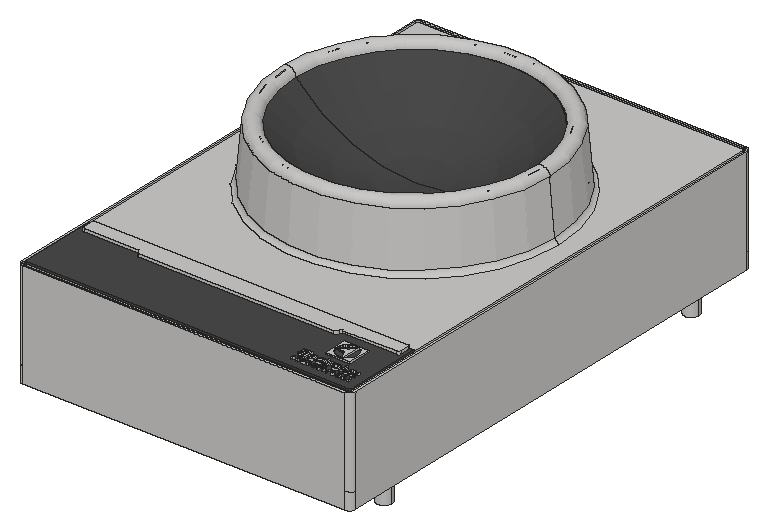
Revit family "QF_ELECTROLUXPROFESSIONAL_600881_E1HCEEOMCS", category Specialty Equipment, Revit 2018
Family settings
  Round Connector Dimension = Use Diameter
  Part Type = Normal
  Work Plane-Based = No
  Always vertical = Yes
  Cut with Voids When Loaded = No
  Shared = No
  Room Calculation Point = No
Parameters
  Watts = 0 W
  Volts = 0 V
  URL = ""
  Steam Supply Size = 0 mm
  Steam Supply Minimum Pressure = 0.0 Pa
  Steam Supply Maximum Pressure = 0.0 Pa
  Steam Pounds per Hour = 0
  Show Logo [instance] = yes
  Manufacturer = ""
  Phase = 0
  Model = ""
  Item Number = ""
  Hot Water Size = 0 mm
  HP = "4.7 HP"
  Gas Size = 0 mm
  Gas KW = 0
  Direct Waste Size = 0 mm
  Description = ""
  Cycle = 0 Hz
  Condensate Return Size = 0 mm
  Compressed Air Volume = 0.0 L/s
  Compressed Air Size = 0 mm
  Compressed Air Pressure = 0.0 Pa
  Cold Water Size = 0 mm
Reference planes
  plane 1 "Centro (Fronte/Retro)": y = 74.737
  plane 2: z = 0
  plane 3: x = -514.269
  plane 4 "LEFT": x = -714.269
  plane 5 "RIGHT": x = -314.269
  plane 6 "BACK": y = 374.737
  plane 7 "FRONT": y = -225.263
  plane 8: x = -712.269
  plane 9: y = 372.737
  plane 10: x = -316.269
  plane 11: y = -223.263
  plane 12: y = -124.263
  plane 13: x = -698.269
  plane 14: x = -330.269
  plane 15: y = 304.737
  plane 16: y = -155.263
  plane 17: x = -442.269
  plane 18: y = 179.737
  plane 19: z = 978
  plane 20 "wok": y = 120.237
  plane 21: z = 764
Forms (mm)
  Extrusion 1, solid, material "QF_Finishes_Stainless Steel"
    sketch origin (0, 0, 788) x (1, 0, 0) y (0, 1, 0)
      loop
        arc (-707.269, 374.737) -> (-712.218, 372.687) -> (-714.269, 367.737) r 7
        line (-714.269, 367.737) -> (-714.269, -218.263)
        arc (-714.269, -218.263) -> (-712.218, -223.213) -> (-707.269, -225.263) r 7
        line (-707.269, -225.263) -> (-321.269, -225.263)
        arc (-321.269, -225.263) -> (-316.319, -223.213) -> (-314.269, -218.263) r 7
        line (-314.269, -218.263) -> (-314.269, 367.737)
        arc (-314.269, 367.737) -> (-316.319, 372.687) -> (-321.269, 374.737) r 7
        line (-321.269, 374.737) -> (-707.269, 374.737)
    from 0 to 20
  Extrusion 2, solid, material "QF_Finishes_Stainless Steel"
    sketch origin (0, 0, 788) x (1, 0, 0) y (0, 1, 0)
      loop
        line (-321.269, 374.737) -> (-707.269, 374.737)
        arc (-707.269, 374.737) -> (-712.218, 372.687) -> (-714.269, 367.737) r 7
        line (-714.269, 367.737) -> (-714.269, -218.263)
        arc (-714.269, -218.263) -> (-712.218, -223.213) -> (-707.269, -225.263) r 7
        line (-707.269, -225.263) -> (-321.269, -225.263)
        arc (-321.269, -225.263) -> (-316.319, -223.213) -> (-314.269, -218.263) r 7
        line (-314.269, -218.263) -> (-314.269, 367.737)
        arc (-314.269, 367.737) -> (-316.319, 372.687) -> (-321.269, 374.737) r 7
      loop
        arc (-707.269, 372.737) -> (-710.804, 371.273) -> (-712.269, 367.737) r 5
        line (-712.269, 367.737) -> (-712.269, -218.263)
        arc (-712.269, -218.263) -> (-710.804, -221.798) -> (-707.269, -223.263) r 5
        line (-707.269, -223.263) -> (-321.269, -223.263)
        arc (-321.269, -223.263) -> (-317.733, -221.798) -> (-316.269, -218.263) r 5
        line (-316.269, -218.263) -> (-316.269, 367.737)
        arc (-316.269, 367.737) -> (-317.733, 371.273) -> (-321.269, 372.737) r 5
        line (-321.269, 372.737) -> (-707.269, 372.737)
    from 20 to 126
  Extrusion 3, solid, material "QF_Finishes_Black"
    sketch origin (0, 0, 914) x (-1, 0, 0) y (0, -1, 0)
      loop
        line (709.269, 124.263) -> (709.269, 218.263)
        arc (709.269, 218.263) -> (708.683, 219.677) -> (707.269, 220.263) r 2
        line (707.269, 220.263) -> (321.269, 220.263)
        arc (321.269, 220.263) -> (319.854, 219.677) -> (319.269, 218.263) r 2
        line (319.269, 218.263) -> (319.269, 124.263) -> (709.269, 124.263)
    from 0 to 2
  Extrusion 4, solid, material "QF_Finishes_Stainless Steel"
    sketch origin (0, 0, 914) x (-1, 0, 0) y (0, -1, 0)
      loop
        arc (701.269, 124.263) -> (703.39, 125.142) -> (704.269, 127.263) r 3
        line (704.269, 127.263) -> (704.269, 137.763)
        arc (704.269, 137.763) -> (703.39, 139.884) -> (701.269, 140.763) r 3
        line (701.269, 140.763) -> (637.269, 140.763)
        arc (637.269, 140.763) -> (635.147, 141.642) -> (634.269, 143.763) r 3
        arc (634.269, 143.763) -> (633.39, 145.884) -> (631.269, 146.763) r 3
        line (631.269, 146.763) -> (397.269, 146.763)
        arc (397.269, 146.763) -> (395.147, 145.884) -> (394.269, 143.763) r 3
        arc (394.269, 143.763) -> (393.39, 141.642) -> (391.269, 140.763) r 3
        line (391.269, 140.763) -> (327.269, 140.763)
        arc (327.269, 140.763) -> (325.147, 139.884) -> (324.269, 137.763) r 3
        line (324.269, 137.763) -> (324.269, 127.263)
        arc (324.269, 127.263) -> (325.147, 125.142) -> (327.269, 124.263) r 3
        line (327.269, 124.263) -> (701.269, 124.263)
    from 2 to 5
  Extrusion 5, solid, material "QF_Finishes_Stainless Steel"
    sketch origin (0, 0, 140) x (-1, 0, 0) y (0, -1, 0)
      loop
        circle (698.269, -304.737) r 9
      loop
        circle (330.269, -304.737) r 9
      loop
        circle (698.269, 155.263) r 9
      loop
        circle (330.269, 155.263) r 9
    from 624 to 648
  Extrusion 6, solid, material "QF_Finishes_Stainless Steel"
    sketch origin (0, 0, 140) x (-1, 0, 0) y (0, -1, 0)
      loop
        circle (442.269, -179.737) r 10
    from 638.028 to 648
  Extrusion 7, solid, material "QF_Finishes_Stainless Steel"
    sketch origin (0, 96, 912) x (-1, 0, 0) y (0, -1, 0)
      loop
        arc (707.269, -273.737) -> (708.683, -273.151) -> (709.269, -271.737) r 2
        line (709.269, -271.737) -> (709.269, 220.263) -> (319.269, 220.263) -> (319.269, -271.737)
        arc (319.269, -271.737) -> (319.854, -273.151) -> (321.269, -273.737) r 2
        line (321.269, -273.737) -> (707.269, -273.737)
    from 0 to 2
  Revolve 8, solid, material "QF_Finishes_Stainless Steel"
    sketch origin (0, 120.237, 14) x (-1, 0, 0) y (0, 0, 1)
      loop
        arc (349.07, 900) -> (350.454, 902.553) -> (351.23, 905.352) r 12.856
        line (351.23, 905.352) -> (357.255, 968.615)
        arc (357.255, 968.615) -> (361.677, 972.996) -> (366.45, 969) r 4.622
        line (366.45, 969) -> (371.472, 969)
        arc (371.472, 969) -> (361.87, 978) -> (352.269, 969) r 9.622
        line (352.269, 969) -> (346.269, 906)
        arc (346.269, 906) -> (344.567, 902.335) -> (341.269, 900) r 7.856
        line (341.269, 900) -> (349.07, 900)
      axis (514.269, 900) -> (514.269, 969)
    angle from 0 to 360
  Revolve 9, solid, material "QF_Finishes_Black"
    sketch origin (0, 120.237, 14) x (-1, 0, 0) y (0, 0, 1)
      loop
        line (371.472, 969) -> (366.45, 969)
        arc (366.45, 969) -> (432.848, 918.929) -> (514.269, 902) r 190.056
        line (514.269, 902) -> (514.269, 906)
        arc (514.269, 906) -> (436.232, 922.453) -> (371.472, 969) r 193.372
      axis (514.269, 969) -> (514.269, 902)
    angle from 0 to 360
Cuts and joins
  joined: Extrusion 1, Extrusion 2
Lines and regions (mm)
  symbolic lines
    curve 1: line (-321.269, 374.737, 126) -> (-707.269, 374.737, 126)
    curve 2: arc (-707.269, 374.737, 126) -> (-712.218, 372.687, 126) -> (-714.269, 367.737, 126) r 7
    curve 3: line (-714.269, 367.737, 126) -> (-714.269, -218.263, 126)
    curve 4: arc (-714.269, -218.263, 126) -> (-712.218, -223.213, 126) -> (-707.269, -225.263, 126) r 7
    curve 5: line (-707.269, -225.263, 126) -> (-321.269, -225.263, 126)
    curve 6: arc (-321.269, -225.263, 126) -> (-316.319, -223.213, 126) -> (-314.269, -218.263, 126) r 7
    curve 7: line (-314.269, -218.263, 126) -> (-314.269, 367.737, 126)
    curve 8: arc (-314.269, 367.737, 126) -> (-316.319, 372.687, 126) -> (-321.269, 374.737, 126) r 7
    curve 9: line (-707.269, 372.737, 126) -> (-321.269, 372.737, 126)
    curve 10: arc (-321.269, 372.737, 126) -> (-317.733, 371.273, 126) -> (-316.269, 367.737, 126) r 5
    curve 11: line (-316.269, 367.737, 126) -> (-316.269, -218.263, 126)
    curve 12: arc (-316.269, -218.263, 126) -> (-317.733, -221.798, 126) -> (-321.269, -223.263, 126) r 5
    curve 13: line (-321.269, -223.263, 126) -> (-707.269, -223.263, 126)
    curve 14: arc (-707.269, -223.263, 126) -> (-710.804, -221.798, 126) -> (-712.269, -218.263, 126) r 5
    curve 15: line (-712.269, -218.263, 126) -> (-712.269, 367.737, 126)
    curve 16: arc (-712.269, 367.737, 126) -> (-710.804, 371.273, 126) -> (-707.269, 372.737, 126) r 5
    curve 17: line (-631.269, -146.763, 126) -> (-397.269, -146.763, 126)
    curve 18: arc (-397.269, -146.763, 126) -> (-395.147, -145.884, 126) -> (-394.269, -143.763, 126) r 3
    curve 19: arc (-394.269, -143.763, 126) -> (-393.39, -141.642, 126) -> (-391.269, -140.763, 126) r 3
    curve 20: line (-391.269, -140.763, 126) -> (-327.269, -140.763, 126)
    curve 21: arc (-327.269, -140.763, 126) -> (-325.147, -139.884, 126) -> (-324.269, -137.763, 126) r 3
    curve 22: line (-324.269, -137.763, 126) -> (-324.269, -127.263, 126)
    curve 23: arc (-324.269, -127.263, 126) -> (-325.147, -125.142, 126) -> (-327.269, -124.263, 126) r 3
    curve 24: line (-319.269, -124.263, 126) -> (-709.269, -124.263, 126)
    curve 25: arc (-701.269, -124.263, 126) -> (-703.39, -125.142, 126) -> (-704.269, -127.263, 126) r 3
    curve 26: line (-704.269, -127.263, 126) -> (-704.269, -137.763, 126)
    curve 27: arc (-704.269, -137.763, 126) -> (-703.39, -139.884, 126) -> (-701.269, -140.763, 126) r 3
    curve 28: line (-701.269, -140.763, 126) -> (-637.269, -140.763, 126)
    curve 29: arc (-637.269, -140.763, 126) -> (-635.147, -141.642, 126) -> (-634.269, -143.763, 126) r 3
    curve 30: arc (-634.269, -143.763, 126) -> (-633.39, -145.884, 126) -> (-631.269, -146.763, 126) r 3
    curve 31: line (-319.269, -218.263, 126) -> (-319.269, 367.737, 126)
    curve 32: arc (-319.269, 367.737, 126) -> (-319.854, 369.151, 126) -> (-321.269, 369.737, 126) r 2
    curve 33: line (-321.269, 369.737, 126) -> (-707.269, 369.737, 126)
    curve 34: arc (-707.269, 369.737, 126) -> (-708.683, 369.151, 126) -> (-709.269, 367.737, 126) r 2
    curve 35: line (-709.269, 367.737, 126) -> (-709.269, -218.263, 126)
    curve 36: arc (-709.269, -218.263, 126) -> (-708.683, -219.677, 126) -> (-707.269, -220.263, 126) r 2
    curve 37: line (-707.269, -220.263, 126) -> (-321.269, -220.263, 126)
    curve 38: arc (-321.269, -220.263, 126) -> (-319.854, -219.677, 126) -> (-319.269, -218.263, 126) r 2
    curve 39: line (-378.626, -153.452, 126) -> (-378.626, -182.168, 126)
    curve 40: line (-378.626, -182.168, 126) -> (-349.912, -182.168, 126)
    curve 41: line (-349.912, -182.168, 126) -> (-349.912, -153.452, 126)
    curve 42: line (-349.912, -153.452, 126) -> (-378.626, -153.452, 126)
    curve 43: line (-375.841, -162.424, 126) -> (-375.07, -161.023, 126)
    curve 44: line (-375.07, -161.023, 126) -> (-374.141, -159.732, 126)
    curve 45: line (-374.141, -159.732, 126) -> (-373.065, -158.564, 126)
    curve 46: line (-373.065, -158.564, 126) -> (-371.856, -157.535, 126)
    curve 47: line (-371.856, -157.535, 126) -> (-370.527, -156.661, 126)
    curve 48: line (-370.527, -156.661, 126) -> (-369.091, -155.954, 126)
    curve 49: line (-369.091, -155.954, 126) -> (-367.562, -155.431, 126)
    curve 50: line (-367.562, -155.431, 126) -> (-365.952, -155.107, 126)
    curve 51: arc (-365.952, -155.107, 126) -> (-363.752, -155.007, 126) -> (-361.567, -155.279, 126) r 13.008
    curve 52: arc (-361.567, -155.279, 126) -> (-361.815, -157.647, 126) -> (-362.651, -159.876, 126) r 9.395
    curve 53: line (-362.651, -159.876, 126) -> (-363.438, -161.245, 126)
    curve 54: line (-363.438, -161.245, 126) -> (-364.403, -162.507, 126)
    curve 55: line (-364.403, -162.507, 126) -> (-365.524, -163.648, 126)
    curve 56: line (-365.524, -163.648, 126) -> (-366.781, -164.654, 126)
    curve 57: line (-366.781, -164.654, 126) -> (-368.151, -165.509, 126)
    curve 58: line (-368.151, -165.509, 126) -> (-369.615, -166.2, 126)
    curve 59: line (-369.615, -166.2, 126) -> (-371.15, -166.712, 126)
    curve 60: line (-371.15, -166.712, 126) -> (-372.736, -167.029, 126)
    curve 61: line (-372.736, -167.029, 126) -> (-374.352, -167.138, 126)
    curve 62: line (-374.352, -167.138, 126) -> (-377.067, -167.138, 126)
    curve 63: line (-377.067, -167.138, 126) -> (-376.852, -165.495, 126)
    curve 64: line (-376.852, -165.495, 126) -> (-376.439, -163.92, 126)
    curve 65: line (-376.439, -163.92, 126) -> (-375.841, -162.424, 126)
    curve 66: line (-360.221, -179.969, 126) -> (-360.221, -155.646, 126)
    curve 67: line (-360.221, -155.646, 126) -> (-358.743, -156.237, 126)
    curve 68: line (-358.743, -156.237, 126) -> (-357.363, -157.003, 126)
    curve 69: line (-357.363, -157.003, 126) -> (-356.095, -157.931, 126)
    curve 70: line (-356.095, -157.931, 126) -> (-354.951, -159.007, 126)
    curve 71: line (-354.951, -159.007, 126) -> (-353.945, -160.217, 126)
    curve 72: line (-353.945, -160.217, 126) -> (-353.092, -161.548, 126)
    curve 73: line (-353.092, -161.548, 126) -> (-352.403, -162.986, 126)
    curve 74: line (-352.403, -162.986, 126) -> (-351.894, -164.517, 126)
    curve 75: line (-351.894, -164.517, 126) -> (-351.576, -166.128, 126)
    curve 76: line (-351.576, -166.128, 126) -> (-351.464, -167.804, 126)
    curve 77: line (-351.464, -167.804, 126) -> (-351.567, -169.456, 126)
    curve 78: line (-351.567, -169.456, 126) -> (-351.873, -171.047, 126)
    curve 79: line (-351.873, -171.047, 126) -> (-352.372, -172.563, 126)
    curve 80: line (-352.372, -172.563, 126) -> (-353.05, -173.992, 126)
    curve 81: line (-353.05, -173.992, 126) -> (-353.897, -175.319, 126)
    curve 82: line (-353.897, -175.319, 126) -> (-354.899, -176.532, 126)
    curve 83: line (-354.899, -176.532, 126) -> (-356.044, -177.617, 126)
    curve 84: line (-356.044, -177.617, 126) -> (-357.321, -178.56, 126)
    curve 85: line (-357.321, -178.56, 126) -> (-358.718, -179.349, 126)
    curve 86: line (-358.718, -179.349, 126) -> (-360.221, -179.969, 126)
    curve 87: line (-369.613, -169.43, 126) -> (-368.15, -170.12, 126)
    curve 88: line (-368.15, -170.12, 126) -> (-366.78, -170.975, 126)
    curve 89: line (-366.78, -170.975, 126) -> (-365.524, -171.98, 126)
    curve 90: line (-365.524, -171.98, 126) -> (-364.403, -173.12, 126)
    curve 91: line (-364.403, -173.12, 126) -> (-363.439, -174.381, 126)
    curve 92: line (-363.439, -174.381, 126) -> (-362.652, -175.748, 126)
    curve 93: arc (-362.652, -175.748, 126) -> (-361.85, -177.982, 126) -> (-361.568, -180.34, 126) r 10.532
    curve 94: arc (-361.568, -180.34, 126) -> (-362.906, -180.548, 126) -> (-364.258, -180.63, 126) r 14.39
    curve 95: line (-364.258, -180.63, 126) -> (-365.828, -180.532, 126)
    curve 96: line (-365.828, -180.532, 126) -> (-367.331, -180.252, 126)
    curve 97: line (-367.331, -180.252, 126) -> (-368.77, -179.801, 126)
    curve 98: line (-368.77, -179.801, 126) -> (-370.134, -179.191, 126)
    curve 99: line (-370.134, -179.191, 126) -> (-371.411, -178.434, 126)
    curve 100: line (-371.411, -178.434, 126) -> (-372.589, -177.541, 126)
    curve 101: line (-372.589, -177.541, 126) -> (-373.656, -176.525, 126)
    curve 102: line (-373.656, -176.525, 126) -> (-374.6, -175.397, 126)
    curve 103: line (-374.6, -175.397, 126) -> (-375.41, -174.168, 126)
    curve 104: line (-375.41, -174.168, 126) -> (-376.073, -172.852, 126)
    curve 105: line (-376.073, -172.852, 126) -> (-376.579, -171.46, 126)
    curve 106: line (-376.579, -171.46, 126) -> (-376.915, -170.003, 126)
    curve 107: line (-376.915, -170.003, 126) -> (-377.069, -168.493, 126)
    curve 108: line (-377.069, -168.493, 126) -> (-374.35, -168.493, 126)
    curve 109: line (-374.35, -168.493, 126) -> (-372.734, -168.602, 126)
    curve 110: line (-372.734, -168.602, 126) -> (-371.148, -168.919, 126)
    curve 111: line (-371.148, -168.919, 126) -> (-369.613, -169.43, 126)
    curve 112: arc (-399.495, -197.154, 126) -> (-398.466, -199.638, 126) -> (-395.982, -200.667, 126) r 3.513
    curve 113: line (-395.982, -200.667, 126) -> (-392.408, -200.667, 126)
    curve 114: line (-392.408, -200.667, 126) -> (-392.408, -198.85, 126)
    curve 115: line (-392.408, -198.85, 126) -> (-395.966, -198.85, 126)
    curve 116: arc (-395.966, -198.85, 126) -> (-397.094, -198.382, 126) -> (-397.562, -197.254, 126) r 1.596
    curve 117: line (-397.562, -197.254, 126) -> (-397.562, -195.74, 126)
    curve 118: line (-397.562, -195.74, 126) -> (-392.843, -195.74, 126)
    curve 119: line (-392.843, -195.74, 126) -> (-392.843, -193.917, 126)
    curve 120: line (-392.843, -193.917, 126) -> (-397.563, -193.917, 126)
    curve 121: line (-397.563, -193.917, 126) -> (-397.563, -191.264, 126)
    curve 122: line (-397.563, -191.264, 126) -> (-392.542, -191.264, 126)
    curve 123: line (-392.542, -191.264, 126) -> (-392.542, -189.445, 126)
    curve 124: line (-392.542, -189.445, 126) -> (-399.495, -189.445, 126)
    curve 125: line (-399.495, -189.445, 126) -> (-399.495, -193.353, 126)
    curve 126: line (-399.495, -193.353, 126) -> (-399.495, -197.154, 126)
    curve 127: line (-389.101, -189.455, 126) -> (-391.035, -189.455, 126)
    curve 128: line (-391.035, -189.455, 126) -> (-391.035, -194.76, 126)
    curve 129: line (-391.035, -194.76, 126) -> (-391.035, -200.681, 126)
    curve 130: line (-391.035, -200.681, 126) -> (-389.101, -200.681, 126)
    curve 131: line (-389.101, -200.681, 126) -> (-389.101, -194.721, 126)
    curve 132: line (-389.101, -194.721, 126) -> (-389.101, -189.455, 126)
    curve 133: arc (-380.394, -193.787, 126) -> (-383.654, -192.313, 126) -> (-386.913, -193.787, 126) r 4.34
    curve 134: arc (-386.913, -193.787, 126) -> (-387.819, -196.606, 126) -> (-386.913, -199.425, 126) r 4.838
    curve 135: arc (-386.913, -199.425, 126) -> (-383.498, -200.88, 126) -> (-380.082, -199.425, 126) r 4.737
    curve 136: line (-380.082, -199.425, 126) -> (-381.246, -198.293, 126)
    curve 137: arc (-381.246, -198.293, 126) -> (-383.382, -199.237, 126) -> (-385.517, -198.293, 126) r 2.888
    curve 138: arc (-385.517, -198.293, 126) -> (-385.841, -197.736, 126) -> (-385.905, -197.095, 126) r 1.527
    curve 139: line (-385.905, -197.095, 126) -> (-379.564, -197.095, 126)
    curve 140: arc (-379.564, -197.095, 126) -> (-379.672, -195.364, 126) -> (-380.394, -193.787, 126) r 4.757
    curve 141: line (-381.505, -195.736, 126) -> (-385.858, -195.736, 126)
    curve 142: arc (-385.858, -195.736, 126) -> (-385.043, -194.411, 126) -> (-383.56, -193.941, 126) r 2.23
    curve 143: arc (-383.56, -193.941, 126) -> (-382.221, -194.482, 126) -> (-381.505, -195.736, 126) r 2.201
    curve 144: arc (-372.029, -198.26, 126) -> (-376.639, -196.593, 126) -> (-372.029, -194.927, 126) r 2.606
    curve 145: line (-372.029, -194.927, 126) -> (-370.832, -193.681, 126)
    curve 146: arc (-370.832, -193.681, 126) -> (-378.564, -196.594, 126) -> (-370.832, -199.507, 126) r 4.415
    curve 147: line (-370.832, -199.507, 126) -> (-372.029, -198.26, 126)
    curve 148: line (-369.629, -193.481, 126) -> (-369.629, -197.299, 126)
    curve 149: arc (-369.629, -197.299, 126) -> (-368.592, -199.893, 126) -> (-365.911, -200.681, 126) r 3.196
    curve 150: line (-365.911, -200.681, 126) -> (-365.904, -198.864, 126)
    curve 151: arc (-365.904, -198.864, 126) -> (-367.239, -198.457, 126) -> (-367.699, -197.14, 126) r 1.542
    curve 152: line (-367.699, -197.14, 126) -> (-367.699, -194.319, 126)
    curve 153: line (-367.699, -194.319, 126) -> (-365.94, -194.319, 126)
    curve 154: line (-365.94, -194.319, 126) -> (-365.94, -192.562, 126)
    curve 155: line (-365.94, -192.562, 126) -> (-367.696, -192.562, 126)
    curve 156: line (-367.696, -192.562, 126) -> (-367.696, -189.455, 126)
    curve 157: line (-367.696, -189.455, 126) -> (-369.629, -189.455, 126)
    curve 158: line (-369.629, -189.455, 126) -> (-369.629, -193.481, 126)
    curve 159: arc (-359.402, -192.451, 126) -> (-361.13, -192.587, 126) -> (-362.397, -193.771, 126) r 2.627
    curve 160: line (-362.397, -193.771, 126) -> (-362.397, -192.563, 126)
    curve 161: line (-362.397, -192.563, 126) -> (-364.315, -192.563, 126)
    curve 162: line (-364.315, -192.563, 126) -> (-364.315, -196.541, 126)
    curve 163: line (-364.315, -196.541, 126) -> (-364.315, -200.681, 126)
    curve 164: line (-364.315, -200.681, 126) -> (-362.397, -200.681, 126)
    curve 165: line (-362.397, -200.681, 126) -> (-362.397, -196.412, 126)
    curve 166: arc (-362.397, -196.412, 126) -> (-361.445, -194.585, 126) -> (-359.402, -194.319, 126) r 2.229
    curve 167: line (-359.402, -194.319, 126) -> (-359.402, -192.451, 126)
    curve 168: arc (-350.248, -196.625, 126) -> (-354.668, -192.205, 126) -> (-359.088, -196.625, 126) r 4.42
    curve 169: arc (-359.088, -196.625, 126) -> (-354.668, -201.046, 126) -> (-350.248, -196.625, 126) r 4.42
    curve 170: arc (-357.176, -196.625, 126) -> (-354.668, -194.117, 126) -> (-352.16, -196.625, 126) r 2.508
    curve 171: arc (-352.16, -196.625, 126) -> (-354.668, -199.134, 126) -> (-357.176, -196.625, 126) r 2.508
    curve 172: line (-347.124, -189.454, 126) -> (-349.058, -189.454, 126)
    curve 173: line (-349.058, -189.454, 126) -> (-349.058, -194.566, 126)
    curve 174: line (-349.058, -194.566, 126) -> (-349.058, -200.682, 126)
    curve 175: line (-349.058, -200.682, 126) -> (-347.124, -200.682, 126)
    curve 176: line (-347.124, -200.682, 126) -> (-347.124, -194.643, 126)
    curve 177: line (-347.124, -194.643, 126) -> (-347.124, -189.454, 126)
    curve 178: line (-343.697, -192.562, 126) -> (-345.646, -192.562, 126)
    curve 179: line (-345.646, -192.562, 126) -> (-345.646, -194.915, 126)
    curve 180: line (-345.646, -194.915, 126) -> (-345.646, -197.715, 126)
    curve 181: arc (-345.646, -197.715, 126) -> (-341.931, -201.044, 126) -> (-338.204, -197.728, 126) r 3.745
    curve 182: line (-338.204, -197.728, 126) -> (-338.204, -194.915, 126)
    curve 183: line (-338.204, -194.915, 126) -> (-338.204, -192.562, 126)
    curve 184: line (-338.204, -192.562, 126) -> (-340.152, -192.562, 126)
    curve 185: line (-340.152, -192.562, 126) -> (-340.152, -197.299, 126)
    curve 186: arc (-340.152, -197.299, 126) -> (-341.925, -199.071, 126) -> (-343.697, -197.299, 126) r 1.772
    curve 187: line (-343.697, -197.299, 126) -> (-343.697, -192.562, 126)
    curve 188: line (-334.237, -196.397, 126) -> (-335.916, -198.735, 126)
    curve 189: line (-335.916, -198.735, 126) -> (-337.313, -200.682, 126)
    curve 190: line (-337.313, -200.682, 126) -> (-335.235, -200.682, 126)
    curve 191: line (-335.235, -200.682, 126) -> (-333.174, -197.813, 126)
    curve 192: line (-333.174, -197.813, 126) -> (-331.112, -200.682, 126)
    curve 193: line (-331.112, -200.682, 126) -> (-329.034, -200.682, 126)
    curve 194: line (-329.034, -200.682, 126) -> (-330.891, -198.085, 126)
    curve 195: line (-330.891, -198.085, 126) -> (-332.11, -196.38, 126)
    curve 196: line (-332.11, -196.38, 126) -> (-330.601, -194.325, 126)
    curve 197: line (-330.601, -194.325, 126) -> (-329.308, -192.563, 126)
    curve 198: line (-329.308, -192.563, 126) -> (-331.418, -192.563, 126)
    curve 199: line (-331.418, -192.563, 126) -> (-333.174, -194.995, 126)
    curve 200: line (-333.174, -194.995, 126) -> (-334.946, -192.563, 126)
    curve 201: line (-334.946, -192.563, 126) -> (-337.039, -192.563, 126)
    curve 202: line (-337.039, -192.563, 126) -> (-335.839, -194.205, 126)
    curve 203: line (-335.839, -194.205, 126) -> (-334.237, -196.397, 126)
    curve 204: line (-399.467, -205.699, 126) -> (-399.467, -209.59, 126)
    curve 205: line (-399.467, -209.59, 126) -> (-398.667, -209.59, 126)
    curve 206: line (-398.667, -209.59, 126) -> (-398.667, -208.271, 126)
    curve 207: line (-398.667, -208.271, 126) -> (-397.697, -208.271, 126)
    curve 208: arc (-397.697, -208.271, 126) -> (-396.674, -206.863, 126) -> (-397.967, -205.699, 126) r 1.3
    curve 209: line (-397.967, -205.699, 126) -> (-399.467, -205.699, 126)
    curve 210: line (-398.667, -207.52, 126) -> (-398.667, -206.434, 126)
    curve 211: line (-398.667, -206.434, 126) -> (-397.861, -206.434, 126)
    curve 212: arc (-397.861, -206.434, 126) -> (-397.461, -206.977, 126) -> (-397.861, -207.52, 126) r 0.569
    curve 213: line (-397.861, -207.52, 126) -> (-398.667, -207.52, 126)
    curve 214: line (-393.389, -205.699, 126) -> (-393.389, -209.59, 126)
    curve 215: line (-393.389, -209.59, 126) -> (-392.589, -209.59, 126)
    curve 216: line (-392.589, -209.59, 126) -> (-392.589, -208.249, 126)
    curve 217: line (-392.589, -208.249, 126) -> (-391.763, -208.249, 126)
    curve 218: line (-391.763, -208.249, 126) -> (-390.957, -209.59, 126)
    curve 219: line (-390.957, -209.59, 126) -> (-390.05, -209.59, 126)
    curve 220: line (-390.05, -209.59, 126) -> (-391.058, -207.929, 126)
    curve 221: arc (-391.058, -207.929, 126) -> (-390.677, -206.531, 126) -> (-391.863, -205.699, 126) r 1.26
    curve 222: line (-391.863, -205.699, 126) -> (-393.389, -205.699, 126)
    curve 223: line (-392.589, -207.52, 126) -> (-392.589, -206.434, 126)
    curve 224: line (-392.589, -206.434, 126) -> (-391.782, -206.434, 126)
    curve 225: arc (-391.782, -206.434, 126) -> (-391.383, -206.977, 126) -> (-391.782, -207.52, 126) r 0.569
    curve 226: line (-391.782, -207.52, 126) -> (-392.589, -207.52, 126)
    curve 227: arc (-386.695, -207.668, 126) -> (-385.407, -206.38, 126) -> (-384.119, -207.668, 126) r 1.288
    curve 228: arc (-384.119, -207.668, 126) -> (-385.407, -208.956, 126) -> (-386.695, -207.668, 126) r 1.288
    curve 229: arc (-383.342, -207.668, 126) -> (-385.407, -205.603, 126) -> (-387.472, -207.668, 126) r 2.065
    curve 230: arc (-387.472, -207.668, 126) -> (-385.407, -209.733, 126) -> (-383.342, -207.668, 126) r 2.065
    curve 231: line (-379.969, -205.699, 126) -> (-379.969, -209.59, 126)
    curve 232: line (-379.969, -209.59, 126) -> (-379.169, -209.59, 126)
    curve 233: line (-379.169, -209.59, 126) -> (-379.169, -208.099, 126)
    curve 234: line (-379.169, -208.099, 126) -> (-377.704, -208.099, 126)
    curve 235: line (-377.704, -208.099, 126) -> (-377.704, -207.299, 126)
    curve 236: line (-377.704, -207.299, 126) -> (-379.169, -207.299, 126)
    curve 237: line (-379.169, -207.299, 126) -> (-379.169, -206.499, 126)
    curve 238: line (-379.169, -206.499, 126) -> (-377.564, -206.499, 126)
    curve 239: line (-377.564, -206.499, 126) -> (-377.564, -205.699, 126)
    curve 240: line (-377.564, -205.699, 126) -> (-379.969, -205.699, 126)
    curve 241: line (-374.264, -205.699, 126) -> (-374.264, -208.344, 126)
    curve 242: arc (-374.264, -208.344, 126) -> (-373.899, -209.225, 126) -> (-373.017, -209.59, 126) r 1.246
    curve 243: line (-373.017, -209.59, 126) -> (-371.761, -209.59, 126)
    curve 244: line (-371.761, -209.59, 126) -> (-371.761, -208.79, 126)
    curve 245: line (-371.761, -208.79, 126) -> (-372.922, -208.79, 126)
    curve 246: arc (-372.922, -208.79, 126) -> (-373.361, -208.576, 126) -> (-373.464, -208.099, 126) r 0.558
    curve 247: line (-373.464, -208.099, 126) -> (-371.907, -208.099, 126)
    curve 248: line (-371.907, -208.099, 126) -> (-371.907, -207.299, 126)
    curve 249: line (-371.907, -207.299, 126) -> (-373.464, -207.299, 126)
    curve 250: line (-373.464, -207.299, 126) -> (-373.464, -206.499, 126)
    curve 251: line (-373.464, -206.499, 126) -> (-371.799, -206.499, 126)
    curve 252: line (-371.799, -206.499, 126) -> (-371.799, -205.699, 126)
    curve 253: line (-371.799, -205.699, 126) -> (-374.264, -205.699, 126)
    curve 254: arc (-368.711, -208.718, 126) -> (-367.818, -209.538, 126) -> (-366.606, -209.568, 126) r 1.725
    curve 255: arc (-366.606, -209.568, 126) -> (-365.785, -208.793, 126) -> (-366.071, -207.702, 126) r 1.107
    curve 256: arc (-366.071, -207.702, 126) -> (-366.648, -207.348, 126) -> (-367.264, -207.067, 126) r 5.523
    curve 257: arc (-367.264, -207.067, 126) -> (-367.604, -206.55, 126) -> (-367.043, -206.293, 126) r 0.407
    curve 258: arc (-367.043, -206.293, 126) -> (-366.706, -206.498, 126) -> (-366.425, -206.775, 126) r 1.702
    curve 259: line (-366.425, -206.775, 126) -> (-365.74, -206.363, 126)
    curve 260: arc (-365.74, -206.363, 126) -> (-366.172, -205.902, 126) -> (-366.708, -205.566, 126) r 2.463
    curve 261: arc (-366.708, -205.566, 126) -> (-368.378, -206.347, 126) -> (-367.331, -207.864, 126) r 1.207
    curve 262: line (-367.331, -207.864, 126) -> (-366.868, -208.812, 126)
    curve 263: arc (-366.868, -208.812, 126) -> (-367.513, -208.798, 126) -> (-367.991, -208.367, 126) r 0.925
    curve 264: line (-367.991, -208.367, 126) -> (-368.711, -208.718, 126)
    curve 265: arc (-362.851, -208.718, 126) -> (-361.958, -209.538, 126) -> (-360.746, -209.568, 126) r 1.725
    curve 266: arc (-360.746, -209.568, 126) -> (-359.926, -208.793, 126) -> (-360.211, -207.702, 126) r 1.107
    curve 267: arc (-360.211, -207.702, 126) -> (-360.788, -207.348, 126) -> (-361.405, -207.067, 126) r 5.523
    curve 268: arc (-361.405, -207.067, 126) -> (-361.745, -206.55, 126) -> (-361.183, -206.293, 126) r 0.407
    curve 269: arc (-361.183, -206.293, 126) -> (-360.846, -206.498, 126) -> (-360.566, -206.775, 126) r 1.702
    curve 270: line (-360.566, -206.775, 126) -> (-359.88, -206.363, 126)
    curve 271: arc (-359.88, -206.363, 126) -> (-360.313, -205.902, 126) -> (-360.848, -205.566, 126) r 2.463
    curve 272: arc (-360.848, -205.566, 126) -> (-362.518, -206.347, 126) -> (-361.471, -207.864, 126) r 1.207
    curve 273: line (-361.471, -207.864, 126) -> (-361.009, -208.812, 126)
    curve 274: arc (-361.009, -208.812, 126) -> (-361.653, -208.798, 126) -> (-362.132, -208.367, 126) r 0.925
    curve 275: line (-362.132, -208.367, 126) -> (-362.851, -208.718, 126)
    curve 276: line (-356.591, -209.59, 126) -> (-355.791, -209.59, 126)
    curve 277: line (-355.791, -209.59, 126) -> (-355.791, -205.699, 126)
    curve 278: line (-355.791, -205.699, 126) -> (-356.591, -205.699, 126)
    curve 279: line (-356.591, -205.699, 126) -> (-356.591, -209.59, 126)
    curve 280: arc (-352.472, -207.668, 126) -> (-350.407, -209.733, 126) -> (-348.342, -207.668, 126) r 2.065
    curve 281: arc (-348.342, -207.668, 126) -> (-350.407, -205.603, 126) -> (-352.472, -207.668, 126) r 2.065
    curve 282: arc (-351.695, -207.668, 126) -> (-350.407, -206.38, 126) -> (-349.119, -207.668, 126) r 1.288
    curve 283: arc (-349.119, -207.668, 126) -> (-350.407, -208.956, 126) -> (-351.695, -207.668, 126) r 1.288
    curve 284: line (-345.051, -205.699, 126) -> (-345.051, -209.59, 126)
    curve 285: line (-345.051, -209.59, 126) -> (-344.221, -209.59, 126)
    curve 286: line (-344.221, -209.59, 126) -> (-344.221, -207.143, 126)
    curve 287: line (-344.221, -207.143, 126) -> (-342.441, -209.59, 126)
    curve 288: line (-342.441, -209.59, 126) -> (-341.641, -209.59, 126)
    curve 289: line (-341.641, -209.59, 126) -> (-341.641, -205.699, 126)
    curve 290: line (-341.641, -205.699, 126) -> (-342.471, -205.699, 126)
    curve 291: line (-342.471, -205.699, 126) -> (-342.471, -208.219, 126)
    curve 292: line (-342.471, -208.219, 126) -> (-344.251, -205.699, 126)
    curve 293: line (-344.251, -205.699, 126) -> (-345.051, -205.699, 126)
    curve 294: line (-336.895, -205.7, 126) -> (-338.488, -209.59, 126)
    curve 295: line (-338.488, -209.59, 126) -> (-337.629, -209.59, 126)
    curve 296: line (-337.629, -209.59, 126) -> (-337.25, -208.75, 126)
    curve 297: line (-337.25, -208.75, 126) -> (-335.811, -208.75, 126)
    curve 298: line (-335.811, -208.75, 126) -> (-335.432, -209.59, 126)
    curve 299: line (-335.432, -209.59, 126) -> (-334.574, -209.59, 126)
    curve 300: line (-334.574, -209.59, 126) -> (-336.095, -205.7, 126)
    curve 301: line (-336.095, -205.7, 126) -> (-336.895, -205.7, 126)
    curve 302: line (-336.947, -207.983, 126) -> (-336.529, -206.965, 126)
    curve 303: line (-336.529, -206.965, 126) -> (-336.131, -207.983, 126)
    curve 304: line (-336.131, -207.983, 126) -> (-336.947, -207.983, 126)
    curve 305: line (-331.398, -205.699, 126) -> (-331.398, -209.59, 126)
    curve 306: line (-331.398, -209.59, 126) -> (-329.102, -209.59, 126)
    curve 307: line (-329.102, -209.59, 126) -> (-329.102, -208.79, 126)
    curve 308: line (-329.102, -208.79, 126) -> (-330.599, -208.79, 126)
    curve 309: line (-330.599, -208.79, 126) -> (-330.599, -205.699, 126)
    curve 310: line (-330.599, -205.699, 126) -> (-331.398, -205.699, 126)
    curve 311: arc (-687.269, 120.237, 126) -> (-514.269, 293.237, 126) -> (-341.269, 120.237, 126) r 173
    curve 312: arc (-341.269, 120.237, 126) -> (-514.269, -52.763, 126) -> (-687.269, 120.237, 126) r 173
    curve 313: arc (-682.269, 120.237, 126) -> (-514.269, -47.763, 126) -> (-346.269, 120.237, 126) r 168
    curve 314: arc (-346.269, 120.237, 126) -> (-514.269, 288.237, 126) -> (-682.269, 120.237, 126) r 168
    curve 315: arc (-676.269, 120.237, 126) -> (-514.269, -41.763, 126) -> (-352.269, 120.237, 126) r 162
    curve 316: arc (-371.472, 120.237, 126) -> (-514.269, 263.034, 126) -> (-657.065, 120.237, 126) r 142.797
    curve 317: arc (-657.065, 120.237, 126) -> (-514.269, -22.56, 126) -> (-371.472, 120.237, 126) r 142.797
    curve 318: arc (-352.269, 120.237, 126) -> (-514.269, 282.237, 126) -> (-676.269, 120.237, 126) r 162
Dimensions and locks
  equal spacing: plane 4 "LEFT", plane 3, plane 5 "RIGHT"
  plane 4 "LEFT" to plane 5 "RIGHT" = 400 mm
  equal spacing: plane 6 "BACK", plane 1 "Centro (Fronte/Retro)", plane 7 "FRONT"
  plane 6 "BACK" to plane 7 "FRONT" = 600 mm
  locked: plane 4 "LEFT" to plane 13 at 16
  locked: plane 14 to plane 5 "RIGHT" at 16
  locked: plane 6 "BACK" to plane 15 at 70
  locked: plane 16 to plane 7 "FRONT" at 70
  locked: plane 17 to plane 5 "RIGHT" at 128
  locked: plane 6 "BACK" to plane 18 at 195
  Extrusion 4 to Extrusion 5 = 155 mm
  plane 19 to Extrusion 5 = 214 mm
  plane 21 to level = 764 mm
  aligned and locked: level to plane 2
  aligned and locked: Extrusion 5 to cut or joined group of Extrusion 1, Extrusion 2
Automatic sketch dimensions
  Extrusion 1 sketch curve to plane 4 "LEFT" = 0 mm
  Extrusion 1 sketch curve to plane 7 "FRONT" = 0 mm
  Extrusion 1 sketch curve to plane 6 "BACK" = 0 mm
  Extrusion 1 sketch curve to plane 5 "RIGHT" = 0 mm
  plane 8 to Extrusion 1 sketch curve = 5 mm  (x2)
  Extrusion 1 sketch curve to plane 10 = 5 mm  (x2)
  Extrusion 2 sketch curve to Extrusion 2 sketch curve = 0 mm  (x8)
  Extrusion 2 sketch curve to plane 4 "LEFT" = 0 mm
  Extrusion 2 sketch curve to plane 8 = 0 mm
  Extrusion 2 sketch curve to plane 6 "BACK" = 0 mm
  Extrusion 2 sketch curve to plane 7 "FRONT" = 0 mm
  Extrusion 2 sketch curve to plane 10 = 0 mm
  Extrusion 2 sketch curve to Extrusion 2 sketch curve = 5 mm  (x2)
  Extrusion 2 sketch curve to plane 10 = 5 mm  (x2)
  Extrusion 3 sketch curve to plane 12 = 0 mm
  Extrusion 3 sketch curve to plane 10 = 3 mm
  Extrusion 3 sketch curve to Extrusion 3 sketch curve = 2 mm  (x2)
  plane 8 to Extrusion 3 sketch curve = 5 mm
  plane 11 to Extrusion 3 sketch curve = 5 mm
  Extrusion 4 sketch curve to plane 12 = 0 mm
  plane 14 to Extrusion 4 sketch curve = 6 mm
  plane 14 to Extrusion 4 sketch curve = 3 mm
  Extrusion 4 sketch curve to Extrusion 4 sketch curve = 3 mm  (x2)
  plane 16 to Extrusion 4 sketch curve = 11.5 mm
  plane 17 to Extrusion 4 sketch curve = 51 mm
  Extrusion 4 sketch curve to Extrusion 4 sketch curve = 6 mm  (x2)
  plane 16 to Extrusion 4 sketch curve = 8.5 mm
  plane 13 to Extrusion 4 sketch curve = 67 mm
  Extrusion 4 sketch curve to plane 13 = 3 mm  (x2)
  Extrusion 4 sketch curve to plane 12 = 3 mm
  Extrusion 4 sketch curve to Extrusion 4 sketch curve = 10.5 mm  (x2)
  Extrusion 5 sketch curve to plane 14 = 0 mm  (x2)
  Extrusion 5 sketch curve to plane 13 = 0 mm  (x2)
  Extrusion 5 sketch curve to plane 15 = 0 mm  (x2)
  Extrusion 5 sketch curve to plane 16 = 0 mm  (x2)
  Extrusion 6 sketch curve to plane 17 = 0 mm
  Extrusion 6 sketch curve to plane 18 = 0 mm
  curve 2 to curve 16 = 0 mm
  curve 2 to curve 34 = 0 mm
  curve 4 to curve 14 = 0 mm
  curve 4 to curve 36 = 0 mm  (x2)
  curve 6 to curve 12 = 0 mm  (x2)
  curve 6 to curve 38 = 0 mm
  curve 8 to curve 10 = 0 mm  (x2)
  curve 8 to curve 32 = 0 mm
  curve 10 to curve 32 = 0 mm
  curve 12 to curve 38 = 0 mm
  curve 14 to curve 36 = 0 mm
  curve 168 to curve 170 = 0 mm  (x2)
  curve 181 to curve 186 = 0 mm  (x2)
  curve 227 to curve 229 = 0 mm
  curve 228 to curve 230 = 0 mm
  curve 254 to curve 263 = 0 mm  (x2)
  curve 257 to curve 261 = 0 mm  (x2)
  curve 265 to curve 274 = 0 mm  (x2)
  curve 268 to curve 272 = 0 mm  (x2)
  curve 280 to curve 282 = 0 mm
  curve 281 to curve 283 = 0 mm
  curve 7 to plane 5 "RIGHT" = 0 mm
  curve 10 to plane 10 = 0 mm
  curve 24 to plane 12 = 0 mm
  curve 6 to plane 7 "FRONT" = 0 mm
  curve 8 to plane 6 "BACK" = 0 mm
  curve 15 to plane 8 = 0 mm
  curve 38 to curve 37 = 2 mm
  curve 32 to curve 33 = 2 mm
  plane 14 to curve 22 = 6 mm
  curve 21 to curve 21 = 3 mm
  curve 23 to curve 23 = 3 mm
  plane 14 to curve 193 = 1.234 mm
  plane 14 to curve 307 = 1.166 mm
  plane 14 to curve 198 = 0.961 mm
  curve 310 to plane 14 = 0.33 mm
  curve 196 to plane 14 = 0.332 mm
  curve 194 to plane 14 = 0.622 mm
  curve 192 to plane 14 = 0.844 mm
  curve 305 to plane 14 = 1.13 mm
  curve 198 to plane 14 = 1.149 mm
  curve 196 to plane 14 = 1.842 mm
  curve 195 to curve 199 = 1.064 mm
  curve 195 to curve 192 = 1.064 mm
  curve 199 to curve 188 = 1.063 mm
  curve 305 to curve 299 = 3.175 mm
  curve 199 to curve 200 = 1.772 mm
  curve 191 to curve 190 = 2.061 mm
  curve 299 to curve 298 = 0.859 mm
  curve 298 to curve 297 = 0.379 mm
  curve 200 to curve 202 = 0.893 mm
  curve 190 to curve 188 = 0.68 mm
  curve 297 to curve 301 = 0.284 mm
  curve 297 to curve 303 = 0.32 mm
  curve 303 to curve 302 = 0.398 mm
  curve 300 to curve 301 = 0.8 mm
  curve 303 to curve 302 = 0.815 mm
  curve 202 to curve 202 = 1.2 mm
  curve 302 to curve 296 = 0.304 mm
  curve 190 to curve 190 = 2.078 mm
  curve 296 to curve 295 = 0.379 mm
  curve 201 to curve 184 = 1.165 mm
  curve 295 to curve 295 = 0.859 mm
  curve 183 to curve 185 = 1.948 mm
  curve 294 to curve 289 = 3.153 mm
  curve 186 to curve 181 = 1.772 mm
  curve 288 to curve 287 = 0.8 mm
  curve 287 to curve 292 = 0.03 mm
  curve 291 to curve 286 = 1.749 mm
  curve 286 to curve 293 = 0.031 mm
  curve 285 to curve 284 = 0.831 mm
  curve 178 to curve 179 = 1.95 mm
  curve 180 to curve 176 = 1.478 mm
  curve 176 to curve 173 = 1.934 mm
  curve 172 to curve 41 = 0.854 mm
  curve 284 to curve 280 = 5.356 mm
  curve 41 to curve 76 = 1.553 mm
  curve 76 to curve 77 = 0.102 mm
  curve 76 to curve 75 = 0.112 mm
  curve 77 to curve 78 = 0.306 mm
  curve 74 to plane 16 = 9.254 mm
  curve 75 to curve 74 = 0.317 mm
  curve 78 to curve 80 = 0.499 mm
  curve 73 to plane 16 = 7.723 mm
  curve 74 to curve 73 = 0.51 mm
  curve 79 to curve 81 = 0.679 mm
  curve 73 to plane 16 = 6.285 mm
  curve 73 to curve 73 = 0.688 mm
  curve 80 to curve 81 = 0.846 mm
  curve 72 to plane 16 = 4.954 mm
  curve 72 to curve 72 = 0.854 mm
  curve 173 to curve 170 = 5.61 mm
  curve 81 to curve 83 = 1.002 mm
  curve 70 to plane 16 = 3.744 mm
  curve 71 to curve 70 = 1.005 mm
  curve 280 to curve 277 = 5.384 mm
  curve 82 to curve 84 = 1.146 mm
  curve 70 to plane 16 = 2.668 mm
  curve 70 to curve 70 = 1.144 mm
  curve 277 to curve 279 = 0.8 mm
  curve 83 to curve 84 = 1.277 mm
  curve 69 to plane 16 = 1.74 mm
  curve 69 to curve 69 = 1.269 mm
  curve 84 to curve 85 = 1.396 mm
  curve 68 to plane 16 = 0.974 mm
  curve 68 to curve 68 = 1.38 mm
  curve 168 to curve 167 = 4.734 mm
  curve 278 to curve 270 = 3.289 mm
  curve 166 to curve 159 = 0.669 mm
  curve 159 to curve 166 = 0.097 mm
  curve 67 to plane 16 = 0.383 mm
  curve 67 to curve 67 = 1.478 mm
  curve 271 to curve 270 = 0.686 mm
  curve 269 to curve 266 = 0.424 mm
  curve 266 to curve 273 = 0.019 mm
  curve 266 to curve 274 = 0.322 mm
  curve 269 to curve 268 = 0.787 mm
  plane 11 to curve 273 = 15.399 mm
  curve 265 to curve 273 = 0.159 mm
  curve 272 to curve 271 = 0.407 mm
  curve 271 to curve 269 = 0.016 mm
  plane 11 to curve 275 = 14.896 mm
  curve 269 to curve 275 = 0.238 mm
  curve 166 to curve 165 = 2.229 mm
  curve 159 to curve 161 = 2.995 mm
  curve 53 to plane 16 = 4.613 mm
  curve 66 to curve 53 = 2.43 mm
  curve 66 to curve 92 = 2.431 mm
  plane 11 to curve 275 = 14.545 mm
  curve 274 to curve 275 = 0.719 mm
  curve 275 to curve 267 = 0.53 mm
  curve 54 to plane 16 = 5.982 mm
  curve 53 to curve 54 = 0.787 mm
  curve 92 to curve 92 = 0.787 mm
  curve 66 to curve 95 = 4.037 mm
  curve 91 to curve 51 = 0.823 mm
  curve 160 to curve 161 = 1.918 mm
  curve 55 to plane 16 = 7.244 mm
  curve 53 to curve 55 = 0.965 mm
  curve 91 to curve 91 = 0.964 mm
  curve 51 to curve 94 = 0.187 mm
  curve 90 to plane 16 = 16.717 mm
  curve 90 to curve 90 = 1.121 mm
  curve 55 to plane 16 = 8.385 mm
  curve 54 to curve 55 = 1.121 mm
  curve 265 to curve 259 = 2.889 mm
  curve 94 to curve 95 = 1.57 mm
  curve 163 to curve 150 = 1.589 mm
  curve 163 to curve 150 = 1.596 mm
  curve 161 to curve 153 = 1.625 mm
  plane 16 to curve 50 = 0.156 mm
  curve 66 to curve 50 = 5.73 mm
  curve 150 to curve 151 = 0.266 mm
  curve 260 to curve 259 = 0.686 mm
  curve 151 to curve 149 = 0.271 mm
  curve 88 to plane 16 = 15.712 mm
  curve 89 to curve 88 = 1.256 mm
  curve 57 to plane 16 = 9.391 mm
  curve 55 to curve 57 = 1.256 mm
  curve 259 to curve 255 = 0.424 mm
  plane 11 to curve 262 = 14.451 mm
  curve 255 to curve 262 = 0.019 mm
  curve 255 to curve 263 = 0.322 mm
  curve 259 to curve 261 = 0.787 mm
  plane 11 to curve 262 = 15.399 mm
  curve 254 to curve 262 = 0.159 mm
  curve 95 to curve 97 = 1.503 mm
  curve 50 to plane 16 = 0.168 mm
  curve 51 to curve 50 = 1.61 mm
  curve 154 to curve 156 = 1.755 mm
  curve 155 to curve 153 = 0.003 mm
  curve 261 to curve 260 = 0.407 mm
  curve 260 to curve 258 = 0.016 mm
  plane 11 to curve 264 = 14.896 mm
  curve 258 to curve 264 = 0.238 mm
  curve 87 to plane 16 = 14.857 mm
  curve 88 to curve 87 = 1.37 mm
  curve 58 to plane 16 = 10.246 mm
  curve 56 to curve 58 = 1.37 mm
  plane 11 to curve 264 = 14.545 mm
  curve 263 to curve 264 = 0.719 mm
  curve 96 to curve 98 = 1.439 mm
  curve 49 to plane 16 = 0.691 mm
  curve 49 to curve 49 = 1.53 mm
  curve 264 to curve 256 = 0.53 mm
  curve 111 to plane 16 = 14.167 mm
  curve 87 to curve 111 = 1.463 mm
  curve 59 to plane 16 = 10.937 mm
  curve 57 to curve 59 = 1.464 mm
  curve 152 to curve 158 = 1.931 mm
  curve 97 to curve 98 = 1.364 mm
  curve 48 to plane 16 = 1.398 mm
  curve 48 to curve 48 = 1.436 mm
  curve 148 to curve 145 = 1.203 mm
  curve 149 to curve 147 = 1.203 mm
  curve 52 to plane 16 = 0.227 mm
  curve 47 to curve 52 = 0.433 mm
  curve 110 to plane 16 = 13.656 mm
  curve 87 to curve 110 = 1.535 mm
  curve 59 to plane 16 = 11.449 mm
  curve 58 to curve 59 = 1.535 mm
  curve 98 to curve 100 = 1.277 mm
  curve 264 to curve 243 = 3.05 mm
  curve 244 to curve 252 = 0.038 mm
  curve 47 to plane 16 = 2.272 mm
  curve 47 to curve 47 = 1.329 mm
  curve 251 to curve 248 = 0.108 mm
  curve 145 to curve 145 = 1.197 mm
  curve 147 to curve 147 = 1.197 mm
  curve 99 to curve 93 = 0.689 mm
  curve 99 to curve 100 = 1.178 mm
  curve 109 to plane 16 = 13.339 mm
  curve 110 to curve 109 = 1.586 mm
  curve 61 to plane 16 = 11.766 mm
  curve 109 to curve 61 = 0.002 mm
  curve 247 to curve 246 = 1.015 mm
  curve 246 to curve 243 = 0.095 mm
  curve 46 to plane 16 = 3.301 mm
  curve 46 to curve 46 = 1.209 mm
  curve 246 to curve 249 = 0.541 mm
  curve 242 to curve 247 = 0.446 mm
  curve 101 to plane 16 = 21.262 mm
  curve 100 to curve 101 = 1.067 mm
  curve 147 to curve 144 = 2.004 mm
  curve 45 to plane 16 = 4.469 mm
  curve 45 to curve 45 = 1.076 mm
  curve 144 to curve 146 = 0.116 mm
  curve 246 to curve 241 = 0.8 mm
  curve 109 to curve 108 = 1.616 mm
  curve 61 to plane 16 = 11.875 mm
  curve 108 to curve 61 = 0.002 mm
  curve 103 to plane 16 = 20.134 mm
  curve 101 to curve 103 = 0.944 mm
  curve 43 to plane 16 = 5.76 mm
  curve 44 to curve 43 = 0.93 mm
  curve 103 to plane 16 = 18.905 mm
  curve 102 to curve 103 = 0.81 mm
  curve 43 to plane 16 = 7.161 mm
  curve 43 to curve 43 = 0.771 mm
  curve 105 to plane 16 = 17.589 mm
  curve 103 to curve 105 = 0.664 mm
  curve 65 to plane 16 = 8.657 mm
  curve 43 to curve 65 = 0.598 mm
  curve 105 to plane 16 = 16.197 mm
  curve 104 to curve 105 = 0.506 mm
  curve 64 to plane 16 = 10.232 mm
  curve 64 to curve 64 = 0.413 mm
  curve 107 to plane 16 = 14.74 mm
  curve 105 to curve 107 = 0.336 mm
  curve 63 to curve 63 = 0.215 mm
  curve 107 to plane 16 = 13.23 mm
  curve 62 to curve 107 = 0.002 mm
  curve 241 to curve 240 = 3.3 mm
  curve 238 to curve 235 = 0.141 mm
  plane 16 to curve 42 = 1.811 mm
  curve 45 to curve 42 = 5.561 mm
  curve 235 to curve 236 = 1.464 mm
  curve 234 to curve 236 = 0 mm
  curve 146 to curve 139 = 5.415 mm
  curve 232 to curve 232 = 0.8 mm
  plane 11 to curve 136 = 23.838 mm
  curve 140 to curve 136 = 0.518 mm
  plane 11 to curve 136 = 24.97 mm
  curve 135 to curve 136 = 1.164 mm
  curve 139 to curve 141 = 1.941 mm
  curve 141 to curve 134 = 1.476 mm
  curve 134 to curve 137 = 0.401 mm
  curve 137 to curve 135 = 0.116 mm
  curve 137 to curve 133 = 0.272 mm
  curve 135 to curve 143 = 0.171 mm
  curve 143 to curve 142 = 0.001 mm
  curve 133 to curve 140 = 0.632 mm
  curve 140 to curve 138 = 0.102 mm
  curve 231 to curve 228 = 5.439 mm
  curve 140 to curve 141 = 1.572 mm
  curve 142 to curve 139 = 0.048 mm
  curve 141 to curve 132 = 3.244 mm
  curve 227 to curve 219 = 4.643 mm
  curve 219 to curve 219 = 0.907 mm
  curve 127 to curve 128 = 1.933 mm
  plane 11 to curve 220 = 15.334 mm
  curve 218 to curve 220 = 0.101 mm
  curve 39 to curve 20 = 12.643 mm
  plane 11 to curve 218 = 15.014 mm
  curve 220 to curve 218 = 0.705 mm
  curve 221 to curve 224 = 0.725 mm
  curve 217 to curve 226 = 0.02 mm
  curve 224 to curve 222 = 0.08 mm
  curve 221 to curve 225 = 0.089 mm
  curve 129 to curve 115 = 1.373 mm
  curve 127 to curve 122 = 1.507 mm
  curve 217 to curve 217 = 0.826 mm
  curve 223 to curve 216 = 0 mm
  curve 128 to curve 120 = 1.808 mm
  curve 223 to curve 222 = 0.8 mm
  curve 114 to curve 115 = 3.558 mm
  curve 116 to curve 113 = 0.017 mm
  curve 19 to curve 18 = 6 mm
  curve 112 to curve 117 = 1.58 mm
  curve 117 to curve 120 = 0.001 mm
  curve 214 to curve 207 = 4.308 mm
  curve 207 to curve 213 = 0.164 mm
  curve 211 to curve 213 = 0 mm
  curve 212 to curve 209 = 0.107 mm
  curve 208 to curve 212 = 0.063 mm
  curve 208 to curve 206 = 0.97 mm
  curve 212 to curve 210 = 0.806 mm
  curve 210 to curve 209 = 0.8 mm
  curve 121 to curve 124 = 1.932 mm
  plane 16 to curve 17 = 8.5 mm
  plane 13 to curve 17 = 67 mm
  curve 30 to curve 28 = 6 mm
  curve 28 to plane 13 = 3 mm
  curve 25 to plane 13 = 3 mm
  curve 27 to curve 26 = 3 mm
  curve 33 to curve 35 = 2 mm
  curve 4 to curve 35 = 2 mm
  curve 25 to curve 27 = 10.5 mm
  curve 23 to curve 21 = 10.5 mm
  curve 19 to curve 19 = 3 mm
  curve 30 to curve 17 = 3 mm
  curve 74 to curve 75 = 1.611 mm
  curve 55 to curve 94 = 2.593 mm
  curve 75 to curve 76 = 1.677 mm
  curve 94 to curve 51 = 1.764 mm
  curve 76 to curve 78 = 1.652 mm
  curve 77 to curve 79 = 1.591 mm
  curve 78 to curve 79 = 1.516 mm
  curve 89 to curve 90 = 1.14 mm
  curve 79 to curve 81 = 1.429 mm
  curve 90 to curve 91 = 1.261 mm
  curve 80 to curve 82 = 1.327 mm
  curve 91 to curve 92 = 1.367 mm
  curve 81 to curve 83 = 1.213 mm
  curve 101 to curve 100 = 1.016 mm
  curve 82 to curve 84 = 1.085 mm
  curve 100 to curve 99 = 0.893 mm
  curve 83 to curve 85 = 0.943 mm
  curve 99 to curve 98 = 0.757 mm
  curve 84 to curve 86 = 0.789 mm
  curve 98 to curve 97 = 0.61 mm
  curve 85 to curve 66 = 0.62 mm
  curve 97 to curve 97 = 0.451 mm
  curve 99 to curve 93 = 1.968 mm
  curve 96 to curve 95 = 0.28 mm
  curve 95 to curve 95 = 0.098 mm
  curve 93 to curve 40 = 1.766 mm
  curve 124 to curve 137 = 8.848 mm
  curve 40 to curve 177 = 7.286 mm
  curve 123 to curve 128 = 0.01 mm
  curve 95 to curve 156 = 8.924 mm
  curve 124 to curve 121 = 1.819 mm
  curve 156 to curve 167 = 2.995 mm
  curve 156 to curve 156 = 3.107 mm
  curve 172 to curve 178 = 3.108 mm
  curve 178 to curve 183 = 0 mm
  curve 183 to curve 198 = 0.001 mm
  curve 159 to curve 160 = 0.113 mm
  curve 183 to curve 200 = 0.001 mm
  curve 121 to curve 126 = 2.089 mm
  curve 155 to curve 148 = 0.918 mm
  curve 148 to curve 145 = 0.2 mm
  curve 160 to curve 160 = 1.208 mm
  curve 125 to curve 120 = 0.564 mm
  curve 200 to curve 202 = 1.642 mm
  curve 154 to curve 154 = 1.756 mm
  curve 167 to curve 159 = 0.672 mm
  curve 198 to curve 196 = 1.761 mm
  curve 178 to curve 174 = 2.004 mm
  curve 173 to curve 176 = 0.077 mm
  curve 119 to curve 131 = 0.804 mm
  curve 131 to curve 128 = 0.039 mm
  curve 183 to curve 182 = 2.353 mm
  curve 176 to curve 180 = 0.272 mm
  curve 145 to curve 145 = 1.246 mm
  curve 196 to curve 199 = 0.67 mm
  curve 131 to curve 141 = 1.016 mm
  curve 120 to curve 117 = 1.823 mm
  curve 143 to curve 143 = 0.403 mm
  curve 143 to curve 135 = 0.003 mm
  curve 143 to curve 142 = 0.029 mm
  curve 135 to curve 137 = 0.207 mm
  curve 199 to curve 196 = 1.386 mm
  curve 199 to curve 203 = 1.402 mm
  curve 142 to curve 140 = 0.353 mm
  curve 165 to curve 163 = 0.129 mm
  curve 145 to curve 144 = 1.667 mm
  curve 144 to curve 146 = 0 mm
  curve 137 to curve 134 = 0.257 mm
  curve 167 to curve 170 = 2.307 mm
  curve 137 to curve 133 = 0.304 mm
  curve 139 to curve 136 = 1.198 mm
  curve 152 to curve 152 = 2.821 mm
  curve 117 to curve 126 = 1.414 mm
  curve 117 to curve 117 = 1.514 mm
  curve 140 to curve 138 = 0.744 mm
  curve 182 to curve 185 = 2.384 mm
  curve 152 to curve 148 = 0.159 mm
  curve 151 to curve 151 = 0.205 mm
  curve 151 to curve 149 = 0.184 mm
  curve 186 to curve 180 = 0.416 mm
  curve 188 to curve 191 = 1.417 mm
  curve 195 to curve 194 = 1.705 mm
  curve 182 to curve 189 = 1.007 mm
  curve 113 to curve 129 = 0.014 mm
  curve 150 to curve 164 = 0 mm
  curve 169 to curve 174 = 4.056 mm
  curve 194 to curve 193 = 2.596 mm
  curve 188 to curve 190 = 1.947 mm
  curve 136 to curve 240 = 6.273 mm
  curve 278 to curve 272 = 2.166 mm
  curve 222 to curve 221 = 2.23 mm
  curve 175 to curve 284 = 5.017 mm
  curve 292 to curve 289 = 0 mm
  curve 239 to curve 253 = 0 mm
  curve 192 to curve 305 = 5.017 mm
  curve 204 to curve 214 = 0 mm
  curve 305 to curve 301 = 0.001 mm
  curve 259 to curve 254 = 1.576 mm
  curve 270 to curve 272 = 1.502 mm
  curve 223 to curve 221 = 0.525 mm
  curve 209 to curve 211 = 0.735 mm
  curve 239 to curve 238 = 0.8 mm
  curve 252 to curve 252 = 0.8 mm
  curve 272 to curve 272 = 1.202 mm
  curve 257 to curve 261 = 1.202 mm
  curve 268 to curve 270 = 0.112 mm
  curve 257 to curve 259 = 0.112 mm
  curve 294 to curve 303 = 1.265 mm
  curve 212 to curve 212 = 0.543 mm
  curve 221 to curve 225 = 0.018 mm
  curve 212 to curve 208 = 0.022 mm
  curve 292 to curve 286 = 1.444 mm
  curve 237 to curve 237 = 0.8 mm
  curve 250 to curve 250 = 0.8 mm
  curve 284 to curve 280 = 1.969 mm
  curve 227 to curve 221 = 0.261 mm
  curve 260 to curve 261 = 0.061 mm
  curve 271 to curve 272 = 0.061 mm
  curve 271 to curve 269 = 0.035 mm
  curve 260 to curve 258 = 0.035 mm
  curve 272 to curve 265 = 0.075 mm
  curve 302 to curve 303 = 1.018 mm
  curve 249 to curve 247 = 0.8 mm
  curve 235 to curve 235 = 0.8 mm
  curve 286 to curve 292 = 1.076 mm
  curve 246 to curve 246 = 0.134 mm
  curve 246 to curve 241 = 0.245 mm
  curve 266 to curve 274 = 0.324 mm
  curve 255 to curve 263 = 0.324 mm
  curve 302 to curve 296 = 0.767 mm
  curve 309 to curve 308 = 3.091 mm
  curve 307 to curve 306 = 0.8 mm
  curve 216 to curve 215 = 1.341 mm
  curve 278 to curve 276 = 3.891 mm
  curve 233 to curve 233 = 1.491 mm
  curve 220 to curve 220 = 1.661 mm
  curve 206 to curve 206 = 1.319 mm
  curve 297 to curve 300 = 0.84 mm
  curve 286 to curve 284 = 2.447 mm
  curve 291 to curve 287 = 1.371 mm
  curve 296 to curve 296 = 0.84 mm
  curve 264 to curve 256 = 3.506 mm
  curve 275 to curve 267 = 3.506 mm
  curve 24 to plane 10 = 3 mm
  curve 281 to curve 280 = 2.065 mm
  curve 280 to curve 283 = 0.776 mm
  curve 173 to curve 168 = 1.19 mm
  curve 168 to curve 170 = 1.912 mm
  curve 266 to curve 269 = 0.355 mm
  curve 265 to curve 273 = 0.263 mm
  curve 268 to curve 269 = 0 mm
  curve 255 to curve 259 = 0.355 mm
  curve 254 to curve 262 = 0.263 mm
  curve 257 to curve 258 = 0 mm
  curve 140 to curve 143 = 1.111 mm
  curve 229 to curve 227 = 2.065 mm
  curve 229 to curve 228 = 0.776 mm
  curve 141 to curve 134 = 1.055 mm
  Extrusion 7 sketch curve to plane 12 = 0 mm
  Extrusion 7 sketch curve to plane 10 = 3 mm
  Extrusion 7 sketch curve to Extrusion 7 sketch curve = 2 mm  (x2)
  plane 8 to Extrusion 7 sketch curve = 5 mm
  Extrusion 7 sketch curve to plane 9 = 5 mm
  Revolve 8 sketch curve to Revolve 8 sketch curve = 0 mm  (x6)
  Revolve 8 sketch curve to plane 3 = 0 mm
  plane 19 to Revolve 8 sketch curve = 4.378 mm
  Revolve 8 sketch curve to plane 14 = 31.602 mm
  plane 19 to Revolve 8 sketch curve = 4.615 mm
  Revolve 8 sketch curve to Revolve 8 sketch curve = 4.616 mm
  plane 19 to Revolve 8 sketch curve = 5 mm
  Revolve 8 sketch curve to Revolve 8 sketch curve = 4.58 mm
  Revolve 8 sketch curve to Revolve 8 sketch curve = 4.961 mm
  Revolve 8 sketch curve to Revolve 8 sketch curve = 7.801 mm
  plane 19 to Revolve 8 sketch curve = 616 mm
  Revolve 8 sketch curve to Revolve 8 sketch curve = 4.986 mm
  Revolve 8 sketch curve to plane 14 = 20.961 mm
  Revolve 8 sketch curve to Revolve 8 sketch curve = 2.16 mm
  Revolve 9 sketch curve to plane 3 = 0 mm  (x2)
  plane 3 to Revolve 9 sketch curve = 2.959 mm
  Revolve 9 sketch curve to plane 3 = 0.017 mm
  Revolve 9 sketch curve to Revolve 9 sketch curve = 4 mm
  Revolve 9 sketch curve to Revolve 9 sketch curve = 7.339 mm
  plane 19 to Revolve 9 sketch curve = 5 mm
  Revolve 9 sketch curve to Revolve 9 sketch curve = 5.022 mm
  Revolve 9 sketch curve to Revolve 9 sketch curve = 48.628 mm
  curve 311 to plane 20 "wok" = 0 mm
  curve 311 to plane 3 = 0 mm
  curve 311 to plane 14 = 11 mm
  curve 311 to curve 313 = 0 mm  (x2)
  curve 311 to curve 314 = 5 mm
  curve 311 to curve 315 = 0 mm  (x2)
  curve 311 to curve 316 = 0 mm  (x2)
  curve 315 to curve 316 = 19.203 mm
  curve 313 to curve 315 = 6 mm
